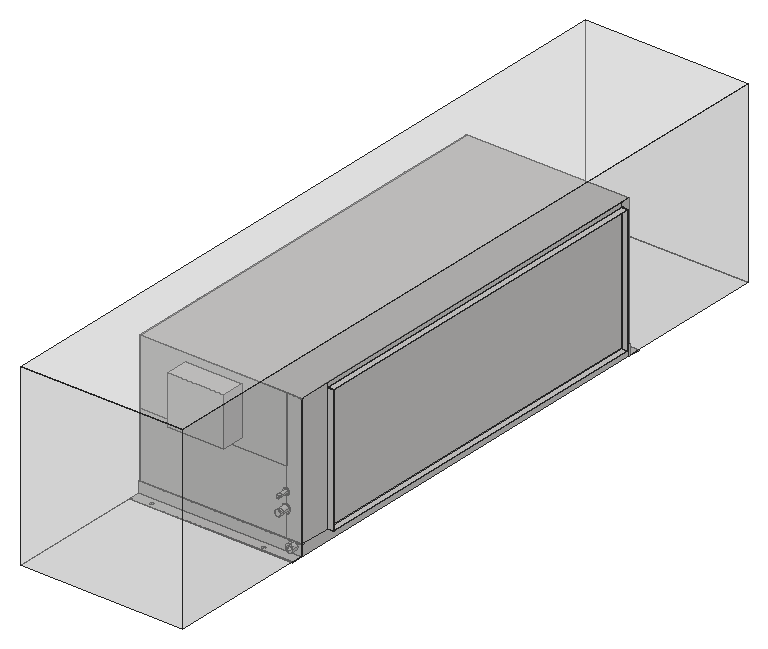
Revit family "outputfile", category 機械設備, Revit 2024 (continued)
Definition of nested family "daikin_rightpanel_FDR-QY14"
  Dimensions and locks
    locked: Extrusion 8 sketch curve to plane 2 "Bottom" at 71.4
    locked: Extrusion 9 sketch curve to Extrusion 9 sketch curve at 412
    locked: Extrusion 9 sketch curve to Extrusion 9 sketch curve at 121
    locked: Extrusion 9 sketch curve to Extrusion 9 sketch curve at 47
    locked: Extrusion 9 sketch curve to Extrusion 9 sketch curve at 313
    locked: Extrusion 9 sketch curve to Extrusion 9 sketch curve at 42
    locked: Extrusion 10 sketch curve to Extrusion 10 sketch curve at 82
    locked: Extrusion 10 sketch curve to plane 2 "Bottom" at 61
    locked: Extrusion 11 sketch curve to plane 8 at 19
    locked: Extrusion 11 sketch curve to plane 2 "Bottom" at 61
    "ld_liquidpipe": plane 16 to plane 1 "Center (Front/Back)"
    "ld_gaspipe": plane 17 "ld_g" to plane 1 "Center (Front/Back)"
    "内径_liquidpipe": diameter of Extrusion 12 sketch curve
    "外径_liquidpipe": diameter of Extrusion 13 sketch curve
    "内径_gaspipe": diameter of Extrusion 14 sketch curve
    "外径_gaspipe": diameter of Extrusion 15 sketch curve
    aligned and locked: level to plane 2 "Bottom"
    aligned and locked: Extrusion 1 sketch curve to plane 9
    aligned and locked: Extrusion 1 sketch curve to plane 7
    aligned and locked: plane 10 to Extrusion 1 sketch curve
    aligned and locked: Extrusion 1 sketch curve to plane 8
    aligned and locked: Extrusion 1 to plane 11
    aligned and locked: Extrusion 1 to plane 1 "Center (Front/Back)"
    aligned and locked: Extrusion 2 sketch curve to plane 6
    aligned and locked: Extrusion 2 sketch curve to plane 5
    aligned and locked: Extrusion 3 sketch curve to plane 6
    aligned and locked: plane 4 to Extrusion 3 sketch curve
    aligned and locked: plane 13 "lh_l" to Extrusion 4 sketch curve
    aligned and locked: plane 15 "lw_l" to Extrusion 4 sketch curve
    aligned and locked: plane 12 "lh_g" to Extrusion 5 sketch curve
    aligned and locked: plane 14 "lw_g" to Extrusion 5 sketch curve
    aligned and locked: Extrusion 6 sketch curve to plane 5
    aligned and locked: Extrusion 7 sketch curve to plane 6
    aligned and locked: plane 4 to Extrusion 8 sketch curve
    aligned and locked: Extrusion 9 sketch curve to Extrusion 9 sketch curve
    aligned and locked: Extrusion 9 sketch curve to plane 6
    aligned and locked: Extrusion 9 sketch curve to plane 5
    aligned and locked: Extrusion 10 sketch curve to plane 5
    aligned and locked: Extrusion 10 sketch curve to plane 6
    aligned and locked: Extrusion 11 sketch curve to plane 6
    aligned and locked: plane 4 to Extrusion 11 sketch curve
    aligned and locked: plane 13 "lh_l" to Extrusion 12 sketch curve
    aligned and locked: plane 15 "lw_l" to Extrusion 12 sketch curve
    aligned and locked: Extrusion 12 to plane 1 "Center (Front/Back)"
    aligned and locked: Extrusion 12 to plane 16
    aligned and locked: plane 13 "lh_l" to Extrusion 13 sketch curve
    aligned and locked: plane 15 "lw_l" to Extrusion 13 sketch curve
    aligned and locked: plane 12 "lh_g" to Extrusion 14 sketch curve
    aligned and locked: plane 14 "lw_g" to Extrusion 14 sketch curve
    aligned and locked: Extrusion 14 to plane 17 "ld_g"
    aligned and locked: Extrusion 14 to plane 1 "Center (Front/Back)"
    aligned and locked: plane 12 "lh_g" to Extrusion 15 sketch curve
    aligned and locked: plane 14 "lw_g" to Extrusion 15 sketch curve
    aligned and locked: plane 14 "lw_g" to Extrusion 16 sketch curve
    aligned and locked: plane 12 "lh_g" to Extrusion 16 sketch curve
    aligned and locked: plane 15 "lw_l" to Extrusion 16 sketch curve
    aligned and locked: plane 13 "lh_l" to Extrusion 16 sketch curve
  Automatic sketch dimensions
    radius of Extrusion 4 sketch curve = 16.0 mm
    radius of Extrusion 5 sketch curve = 25.0 mm
    radius of Extrusion 16 sketch curve = 16.0 mm
    radius of Extrusion 16 sketch curve = 21.0 mm
Definition of nested family "daikin_connector_rotate2"
  Parameters (values of type "daikin_connector_rotate2")
    Default Elevation = 1219.2 mm
    show_face = no
    radius [instance] = 10.0 mm
    length [instance] = 600.0 mm
    d_surface = 10.0 mm
    angle_vertical [instance] = 90.00°
  Reference planes
    plane 1 "Center (Front/Back)": y = 0
    plane 2: z = 0
    plane 3 "Center (Left/Right)": x = 0
  Forms (mm)
    Extrusion 1, solid, visible <- "show_face"
      sketch origin (0, -600, 0) x (1, 0, 0) y (0, 0, 1)
        loop
          circle (0, 0) r 10
      from 0 to -10
  Lines and regions (mm)
    reference lines
      curve 1: line (0, 0, 0) -> (0, -600, 0)
    symbolic lines
      curve 2: circle (0, 0, 0) r 5 normal (0, 0, 1)
    model lines, visible <- "show_face"
      curve 3: line (0, 0, 0) -> (0, -600, 0)
  Dimensions and locks
    "length": curve 1 to curve 1
    "length": curve 3 to curve 3
    "d_surface": Extrusion 1 to Extrusion 1
    "radius": radius of Extrusion 1 sketch curve
    "angle_vertical": angle curve 1 to plane 1 "Center (Front/Back)"
    "angle_vertical": angle curve 3 to plane 1 "Center (Front/Back)"
    aligned and locked: level to plane 2
    aligned and locked: plane 1 "Center (Front/Back)" to curve 1
    aligned and locked: plane 2 to curve 1
    aligned and locked: plane 1 "Center (Front/Back)" to curve 2
    aligned and locked: plane 3 "Center (Left/Right)" to curve 2
    aligned and locked: plane 1 "Center (Front/Back)" to curve 3
    aligned and locked: plane 2 to curve 3
    aligned and locked: Extrusion 1 to Extrusion 1
  Automatic sketch dimensions
    Extrusion 1 sketch curve to level = 0.0 mm
    Extrusion 1 sketch curve to plane 3 "Center (Left/Right)" = 0.0 mm
    radius of curve 2 = 5.0 mm
Definition of nested family "daikin_△_symbolicline"
  Parameters (values of type "daikin_△_symbolicline")
    length [instance] = 200.0 mm
    Default Elevation = 0.0 mm
  Reference planes
    plane 1 "Center (Front/Back)": y = 0
    plane 2: z = 0
    plane 3 "Center (Left/Right)": x = 0
  Lines and regions (mm)
    symbolic lines
      curve 1: line (0, -173.205, 0) -> (100, 0, 0)
      curve 2: line (100, 0, 0) -> (-100, 0, 0)
      curve 3: line (-100, 0, 0) -> (0, -173.205, 0)
  Dimensions and locks
    equal spacing: curve 3, plane 3 "Center (Left/Right)", curve 2
    "length": curve 3 to curve 2
    "length": curve 3 to curve 3
    "length": curve 1 to curve 1
    aligned and locked: level to plane 2
    aligned and locked: curve 2 to plane 1 "Center (Front/Back)"
    aligned and locked: plane 3 "Center (Left/Right)" to curve 3
Definition of nested family "daikin_mountinghole"
  Parameters (values of type "daikin_mountinghole")
    Default Elevation = 1219.2 mm
    Type Comments = "mountinghole"
    show [instance] = yes
    material = none
    l_centerline = 100.0 mm
    l_antenna [instance] = 100.0 mm
    h_mountinghole [instance] = 0.0 mm
    d_circle = 30.0 mm
    Link_Nested Family [instance] = ""
  Reference planes
    plane 1 "Center (Front/Back)": y = 0
    plane 2: z = 0
    plane 3 "Center (Left/Right)": x = 0
    plane 4: y = 50
    plane 5: x = -50
    plane 6: x = 50
    plane 7: y = -50
    plane 8 "h_mountinghole": z = 0
    plane 9: z = 100
  Lines and regions (mm)
    model lines, detail levels fine
      curve 1: circle (0, 0, 0) r 15 normal (0, 0, 1)
      curve 2: line (-50, 0, 0) -> (50, 0, 0)
      curve 3: line (0, 50, 0) -> (0, -50, 0)
    symbolic lines, detail levels fine
      curve 4: circle (0, 0, 0) r 15 normal (0, 0, 1)
      curve 5: line (-50, 0, 0) -> (50, 0, 0)
      curve 6: line (0, 50, 0) -> (0, -50, 0)
    model lines
      curve 7: line (0, 0, 100) -> (0, 0, 0)
  Dimensions and locks
    equal spacing: plane 4, plane 1 "Center (Front/Back)", plane 7
    "l_centerline": plane 4 to plane 7
    equal spacing: plane 5, plane 3 "Center (Left/Right)", plane 6
    "l_centerline": plane 5 to plane 6
    "l_antenna": plane 9 to plane 8 "h_mountinghole"
    "h_mountinghole": plane 8 "h_mountinghole" to plane 2
    "d_circle": diameter of curve 1
    "d_circle": diameter of curve 4
    aligned and locked: level to plane 2
    aligned and locked: plane 1 "Center (Front/Back)" to curve 1
    aligned and locked: plane 3 "Center (Left/Right)" to curve 1
    aligned and locked: plane 1 "Center (Front/Back)" to curve 2
    aligned and locked: curve 3 to plane 3 "Center (Left/Right)"
    aligned and locked: plane 6 to curve 2
    aligned and locked: plane 5 to curve 2
    aligned and locked: plane 4 to curve 3
    aligned and locked: plane 7 to curve 3
    aligned and locked: plane 1 "Center (Front/Back)" to curve 4
    aligned and locked: plane 3 "Center (Left/Right)" to curve 4
    aligned and locked: plane 6 to curve 5
    aligned and locked: plane 5 to curve 5
    aligned and locked: plane 1 "Center (Front/Back)" to curve 5
    aligned and locked: plane 4 to curve 6
    aligned and locked: plane 7 to curve 6
    aligned and locked: curve 6 to plane 3 "Center (Left/Right)"
    aligned and locked: curve 7 to plane 3 "Center (Left/Right)"
    aligned and locked: plane 9 to curve 7
    aligned and locked: plane 8 "h_mountinghole" to curve 7
